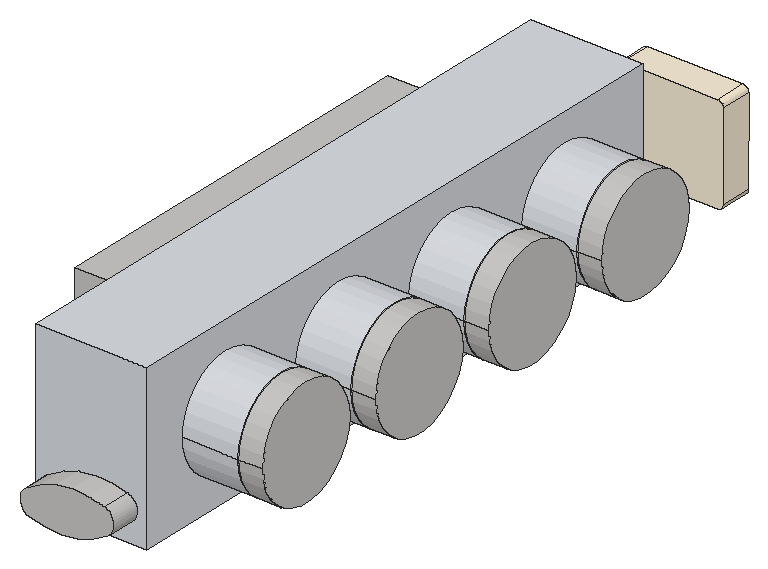
Revit family "HVAC_Ductwork_Airzone_Motorized-Plenum_Panasonic_Standard_4-Dampers", category Mechanical Equipment, Revit 2016
Family settings
  Part Type = Normal
  Round Connector Dimension = Use Diameter
  OmniClass Number = 23.75.70.14
  OmniClass Title = Air Ductwork
  Work Plane-Based = No
  Always vertical = Yes
  Cut with Voids When Loaded = No
  Shared = No
  Room Calculation Point = No
Parameters (values of type "PANST02XS4")
  Voltage = 230 V
  URL = "www.airzone.es"
  Type Image Comments = "Image available in product documentation download"  # constant formula
  Revit Model Version = "1.0"  # constant formula
  Revit Model Author URL = "www.a3d.es"
  Revit Model Author = "A3D Consulting"  # constant formula
  Product Documentation Download URL = "http://doc.airzone.es/BIM/Easyzone/Panasonic-Airzone_motorized_plenum.zip"
  Product Comments = "Refer to technical documentation for further details"  # constant formula
  Power Factor = 1
  Neck Width = 720.600 mm
  Neck Length = 95.000 mm
  Neck Height = 195.100 mm
  Material = Metal - AIRZONE - Galvanized Sheet - Semi-polished
  Main Control Board Material = Plastic - AIRZONE - Smooth - Off-white
  Load Classification = Other
  Insulated Body Width = 205.000 mm  # constant formula
  Insulated Body Material = Metal -AIRZONE - Insulating Lining -Aluminum Finish
  Insulated Body Length = 1140.000 mm  # constant formula
  Insulated Body Height = 300.000 mm  # constant formula
  Flow [instance] = Damper 4 Air Flow + Damper 3 Air Flow + Damper 2 Air Flow + Damper 1 Air Flow - Fresh Air Inlet 2 Flow - Fresh Air Inlet 1 Flow  # 1200 m³/h
  Fresh Air Inlet 1 Flow [instance] = 0 m³/h
  Fresh Air Inlet 2 Flow [instance] = 0 m³/h
  Fresh Air Inlet Connection Width = 175.000 mm
  Fresh Air Inlet Connection Height = 75.000 mm
  Model = "PANST02XS4"
  Neck Side Offset = 209.700 mm
  Neck Bottom Offset = 71.700 mm
  Type Image = <None>
  Manufacturer = "AIRZONE"  # constant formula
  Main Control Board Depth = 57.000 mm  # constant formula
  Main Control Board Width = 195.000 mm  # constant formula
  Main Control Board Height = 180.000 mm  # constant formula
  Fixing = ""
  Disclaimer = "All information provided in this model is reviewed before being published. However, Airzone cannot guarantee this model is error-free, therefore users are strongly encouraged to check for technical documentation and updates"  # constant formula
  Description = "Airzone standard motorized plenum with neck that mechanically adapts to the main ducted AC units of Panasonic."
  Type Comments = ""
  Dampers Length = 149.000 mm  # constant formula
  Dampers Diameter = 200.000 mm  # constant formula
  Damper 4 Air Flow [instance] = 300 m³/h
  Damper 1 Air Flow [instance] = 300 m³/h
  Damper 2 Air Flow [instance] = 300 m³/h
  Damper 3 Air Flow [instance] = 300 m³/h
  Fresh Air Inlet Connection Offset Height = 48.305 mm  # constant formula
  Compatible Accesories = ""
  Apparent Load = 57.5 VA
Types (8, lengths in mm): name | Neck Width | Neck Height | Model | Neck Side Offset | Neck Bottom Offset
  PANST05M4 | 795.600 | 189.600 | "PANST05M4" | 222.200 | 77.200
  PANST05S4 | 595.600 | 189.600 | "PANST05S4" | 322.200 | 77.200
  PANST04S4 | 495.600 | 189.600 | "PANST04S4" | 379.200 | 77.200
  PANST03S4 | 695.600 | 148.600 | "PANST03S4" | 222.200 | 118.200
  PANST01M4 | 891.600 | 162.600 | "PANST01M4" | 124.200 | 102.200
  PANST01S4 | 671.600 | 162.600 | "PANST01S4" | 234.200 | 102.200
  PANST02S4 | 720.600 | 233.600 | "PANST02S4" | 209.700 | 32.200
  PANST02XS4 | 720.600 | 195.100 | "PANST02XS4" | 209.700 | 71.700
Reference planes
  plane 1 "Center (Front/Back)": y = 0
  plane 2 "Center (Elevation)": z = 0
  plane 3 "Center (Left/Right)": x = 0
  plane 4 "Neck Back": y = 360.3
  plane 5 "Neck Front": y = -360.3
  plane 6 "Neck Top": z = 97.55
  plane 7 "Neck Bottom": z = -97.55
  plane 8 "Left": x = 95
  plane 9 "Bottom": z = -169.25
  plane 10 "Top": z = 130.75
  plane 11 "Front": y = -570
  plane 12 "Back": y = 570
  plane 13 "Right": x = 300
  plane 14 "Dampers Front": x = 449
  plane 15 "Dampers Center (Elevation)": z = -19.25
  plane 16 "Damper3": y = -130
  plane 17 "Damper2": y = 130
  plane 18 "Damper1": y = 390
  plane 19 "Middle": y = 0
  plane 20 "FreshAir Center (Elevation)": z = -120.945
  plane 21 "FreshAir1": y = 622.5
  plane 22 "FreshAir2": y = -622.5
  plane 23 "Dampers Lining": x = 404
  plane 24 "FreshAir Vertical Axis": x = 195.83
  plane 25 "ConnectionBox Side": x = 254
  plane 26 "Main Control Board Center (Left/Right)": x = 351.5
  plane 27 "Damper4": y = -390
Forms (mm)
  Extrusion 1, solid, material "Metal - AIRZONE - Galvanized Sheet - Semi-polished" <- "Material"
    sketch origin (0, 0, 0) x (0, 1, 0) y (0, 0, 1)
      loop
        line (-360.3, 97.55) -> (-360.3, -97.55) -> (360.3, -97.55) -> (360.3, 97.55) -> (-360.3, 97.55)
    from 0 to 95
  Extrusion 2, solid, material "Metal -AIRZONE - Insulating Lining -Aluminum Finish" <- "Insulated Body Material"
    sketch origin (95, 0, 0) x (0, 1, 0) y (0, 0, 1)
      loop
        line (-570, 130.75) -> (-570, -169.25) -> (570, -169.25) -> (570, 130.75) -> (-570, 130.75)
    from 0 to 205
  Extrusion 3, solid, material "Metal - AIRZONE - Galvanized Sheet - Semi-polished" <- "Material"
    sketch origin (300, 0, 0) x (0, 1, 0) y (0, 0, 1)
      loop
        circle (-130, -19.25) r 100
    from 104 to 149
  Extrusion 4, solid, material "Metal - AIRZONE - Galvanized Sheet - Semi-polished" <- "Material"
    sketch origin (300, 0, 0) x (0, 1, 0) y (0, 0, 1)
      loop
        circle (130, -19.25) r 100
    from 104 to 149
  Extrusion 5, solid, material "Metal - AIRZONE - Galvanized Sheet - Semi-polished" <- "Material"
    sketch origin (300, 0, 0) x (0, 1, 0) y (0, 0, 1)
      loop
        circle (390, -19.25) r 100
    from 104 to 149
  Extrusion 6, solid, material "Metal - AIRZONE - Galvanized Sheet - Semi-polished" <- "Material"
    sketch origin (0, -570, 0) x (0, 0, 1) y (1, 0, 0)
      loop
        arc (-88.391, 265.204) -> (-109.858, 282.105) -> (-134.562, 270.434) r 25.96
        arc (-134.562, 270.434) -> (-160.552, 200.598) -> (-153.099, 126.456) r 164.67
        arc (-153.099, 126.456) -> (-131.915, 109.589) -> (-107.244, 120.751) r 25.96
        arc (-107.244, 120.751) -> (-80.975, 190.78) -> (-88.391, 265.204) r 164.67
    from 0 to -52.5
  Extrusion 7, solid, material "Metal - AIRZONE - Galvanized Sheet - Semi-polished" <- "Material"
    sketch origin (0, 570, 0) x (0, 0, 1) y (1, 0, 0)
      loop
        arc (-88.391, 265.204) -> (-109.575, 282.071) -> (-134.246, 270.909) r 25.96
        arc (-134.246, 270.909) -> (-160.429, 201.53) -> (-153.517, 127.699) r 164.67
        arc (-153.517, 127.699) -> (-132.282, 109.637) -> (-106.928, 121.226) r 25.96
        arc (-106.928, 121.226) -> (-80.938, 191.062) -> (-88.391, 265.204) r 164.67
    from 0 to 52.5
  Extrusion 8, solid, material "Metal -AIRZONE - Insulating Lining -Aluminum Finish" <- "Insulated Body Material"
    sketch origin (300, 0, 0) x (0, 1, 0) y (0, 0, 1)
      loop
        circle (390, -19.25) r 100
    from 0 to 104
  Extrusion 9, solid, material "Metal -AIRZONE - Insulating Lining -Aluminum Finish" <- "Insulated Body Material"
    sketch origin (300, -260, 0) x (0, 1, 0) y (0, 0, 1)
      loop
        circle (390, -19.25) r 100
    from 0 to 104
  Extrusion 10, solid, material "Metal -AIRZONE - Insulating Lining -Aluminum Finish" <- "Insulated Body Material"
    sketch origin (300, -520, 0) x (0, 1, 0) y (0, 0, 1)
      loop
        circle (390, -19.25) r 100
    from 0 to 104
  Extrusion 11, solid, material "Metal - AIRZONE - Galvanized Sheet - Semi-polished" <- "Material"
    sketch origin (300, -190, 0) x (0, 1, 0) y (0, 0, 1)
      loop
        circle (-200, -19.25) r 100
    from 104 to 149
  Extrusion 12, solid, material "Metal -AIRZONE - Insulating Lining -Aluminum Finish" <- "Insulated Body Material"
    sketch origin (300, -710, 0) x (0, 1, 0) y (0, 0, 1)
      loop
        circle (320, -19.25) r 100
    from 0 to 104
Lines and regions (mm)
  Masking region 1
    outline origin (0, 0, 0) x (1, 0, 0) y (0, 1, 0)
      loop
        line (95, 570) -> (95, -570) -> (300, -570) -> (300, 570) -> (95, 570)
  Masking region 2, detail levels medium+fine
    outline origin (0, 0, 0) x (1, 0, 0) y (0, 1, 0)
      loop
        line (0, 360.3) -> (0, -360.3) -> (95, -360.3) -> (95, 360.3) -> (0, 360.3)
  Masking region 3, detail levels medium+fine
    outline origin (0, 0, 0) x (1, 0, 0) y (0, 1, 0)
      loop
        line (300, -30) -> (300, -230) -> (449, -230) -> (449, -30) -> (300, -30)
  Masking region 4, detail levels medium+fine
    outline origin (0, 260, 0) x (1, 0, 0) y (0, 1, 0)
      loop
        line (300, -30) -> (300, -230) -> (449, -230) -> (449, -30) -> (300, -30)
  Masking region 5, detail levels medium+fine
    outline origin (0, 520, 0) x (1, 0, 0) y (0, 1, 0)
      loop
        line (300, -30) -> (300, -230) -> (449, -230) -> (449, -30) -> (300, -30)
  Masking region 6, detail levels medium+fine
    outline origin (0, 0, -120.945) x (1, 0, 0) y (0, 1, 0)
      loop
        line (108.33, 622.5) -> (108.33, 570) -> (283.33, 570) -> (283.33, 622.5) -> (108.33, 622.5)
  Masking region 7, detail levels medium+fine
    outline origin (0, 0, -120.945) x (1, 0, 0) y (0, 1, 0)
      loop
        line (108.33, -570) -> (108.33, -622.5) -> (283.33, -622.5) -> (283.33, -570) -> (108.33, -570)
  Masking region 8, detail levels medium+fine
    outline origin (0, 0, 130.75) x (0, -1, 0) y (1, 0, 0)
      loop
        line (-627, 254) -> (-570, 254) -> (-570, 449) -> (-627, 449) -> (-627, 254)
  Masking region 9, detail levels medium+fine
    outline origin (0, -190, 0) x (1, 0, 0) y (0, 1, 0)
      loop
        line (300, -100) -> (300, -300) -> (449, -300) -> (449, -100) -> (300, -100)
  symbolic lines, detail levels coarse
    curve 1: line (95, -570, 0) -> (300, 0, 0)
    curve 2: line (300, 0, 0) -> (95, 570, 0)
Dimensions and locks
  equal spacing: plane 4 "Neck Back", plane 1 "Center (Front/Back)", plane 5 "Neck Front"
  "Neck Width": plane 4 "Neck Back" to plane 5 "Neck Front"
  equal spacing: plane 6 "Neck Top", level, plane 7 "Neck Bottom"
  "Neck Height": plane 6 "Neck Top" to plane 7 "Neck Bottom"
  "Neck Length": plane 3 "Center (Left/Right)" to plane 8 "Left"
  "Neck Bottom Offset": plane 7 "Neck Bottom" to plane 9 "Bottom"
  "Insulated Body Height": plane 10 "Top" to plane 9 "Bottom"
  "Insulated Body Length": plane 12 "Back" to plane 11 "Front"
  "Insulated Body Width": plane 8 "Left" to plane 13 "Right"
  "Dampers Length": plane 13 "Right" to plane 14 "Dampers Front"
  equal spacing: plane 10 "Top", plane 15 "Dampers Center (Elevation)", plane 9 "Bottom"
  equal spacing: plane 12 "Back", plane 19 "Middle", plane 11 "Front"
  plane 8 "Left" to plane 13 "Right" = 205.000 mm
  "Fresh Air Inlet Connection Offset Height": plane 20 "FreshAir Center (Elevation)" to plane 9 "Bottom"
  locked: Extrusion 6 sketch curve to plane 9 "Bottom" at 56.47
  locked: plane 13 "Right" to Extrusion 6 sketch curve at 43.69
  locked: plane 13 "Right" to Extrusion 6 sketch curve at 164.65
  locked: Extrusion 6 sketch curve to plane 9 "Bottom" at 40.54
  locked: plane 13 "Right" to Extrusion 6 sketch curve at 87.91
  locked: plane 9 "Bottom" to Extrusion 6 sketch curve at 75.01
  locked: plane 13 "Right" to Extrusion 6 sketch curve at 120.43
  locked: Extrusion 6 sketch curve to plane 9 "Bottom" at 172.02
  locked: plane 13 "Right" to Extrusion 7 sketch curve at 43.69
  locked: Extrusion 7 sketch curve to plane 9 "Bottom" at 56.47
  locked: Extrusion 7 sketch curve to plane 9 "Bottom" at 40.54
  locked: plane 13 "Right" to Extrusion 7 sketch curve at 164.65
  locked: plane 13 "Right" to Extrusion 7 sketch curve at 120.43
  locked: Extrusion 7 sketch curve to plane 9 "Bottom" at 172.02
  locked: plane 9 "Bottom" to Extrusion 7 sketch curve at 75.01
  locked: plane 13 "Right" to Extrusion 7 sketch curve at 87.91
  "Neck Side Offset": plane 12 "Back" to plane 4 "Neck Back"
  locked: plane 21 "FreshAir1" to plane 12 "Back" at 52.5
  plane 11 "Front" to plane 22 "FreshAir2" = 52.500 mm
  locked: connector elem to plane 13 "Right" at 104.17
  locked: plane 20 "FreshAir Center (Elevation)" to connector elem
  locked: plane 13 "Right" to connector elem at 104.17
  locked: connector elem to plane 20 "FreshAir Center (Elevation)"
  locked: plane 23 "Dampers Lining" to plane 14 "Dampers Front" at 45
  locked: plane 24 "FreshAir Vertical Axis" to plane 13 "Right" at 104.17
  equal spacing: Masking region 3 sketch curve, plane 16 "Damper3", Masking region 3 sketch curve
  "Dampers Diameter": Masking region 3 sketch curve to Masking region 3 sketch curve
  "Dampers Diameter": Masking region 4 sketch curve to Masking region 4 sketch curve
  equal spacing: Masking region 5 sketch curve, plane 18 "Damper1", Masking region 5 sketch curve
  "Dampers Diameter": Masking region 5 sketch curve to Masking region 5 sketch curve
  equal spacing: Masking region 6 sketch curve, plane 24 "FreshAir Vertical Axis", Masking region 6 sketch curve
  "Fresh Air Inlet Connection Width": Masking region 6 sketch curve to Masking region 6 sketch curve
  equal spacing: Masking region 7 sketch curve, plane 24 "FreshAir Vertical Axis", Masking region 7 sketch curve
  "Fresh Air Inlet Connection Width": Masking region 7 sketch curve to Masking region 7 sketch curve
  "Main Control Board Depth": Masking region 8 sketch curve to plane 12 "Back"
  "Main Control Board Width": plane 25 "ConnectionBox Side" to plane 14 "Dampers Front"
  equal spacing: plane 25 "ConnectionBox Side", plane 26 "Main Control Board Center (Left/Right)", plane 14 "Dampers Front"
  locked: nested 1 to plane 10 "Top" at 10
  equal spacing: Masking region 4 sketch curve, plane 17 "Damper2", Masking region 4 sketch curve
  equal spacing: Masking region 9 sketch curve, plane 27 "Damper4", Masking region 9 sketch curve
  "Dampers Diameter": Masking region 9 sketch curve to Masking region 9 sketch curve
  plane 18 "Damper1" to plane 17 "Damper2" to plane 16 "Damper3" to plane 27 "Damper4" = 260.000 mm locked, 260.000 mm locked, 260.000 mm locked
  locked: plane 17 "Damper2" to plane 19 "Middle" at 130
  "Dampers Diameter": diameter of Extrusion 3 sketch curve
  "Dampers Diameter": diameter of Extrusion 4 sketch curve
  "Dampers Diameter": diameter of Extrusion 5 sketch curve
  radius of Extrusion 7 sketch curve = 164.670 mm  (x2)
  radius of Extrusion 7 sketch curve = 25.960 mm  (x2)
  radius of Extrusion 6 sketch curve = 164.670 mm  (x2)
  radius of Extrusion 6 sketch curve = 25.960 mm  (x2)
  "Dampers Diameter": diameter of Extrusion 8 sketch curve
  "Dampers Diameter": diameter of Extrusion 9 sketch curve
  "Dampers Diameter": diameter of Extrusion 10 sketch curve
  "Dampers Diameter": diameter of Extrusion 11 sketch curve
  "Dampers Diameter": diameter of Extrusion 12 sketch curve
  aligned and locked: level to plane 2 "Center (Elevation)"
  aligned and locked: plane 5 "Neck Front" to Extrusion 1 sketch curve
  aligned and locked: Extrusion 1 sketch curve to plane 6 "Neck Top"
  aligned and locked: Extrusion 1 sketch curve to plane 4 "Neck Back"
  aligned and locked: plane 7 "Neck Bottom" to Extrusion 1 sketch curve
  aligned and locked: Extrusion 1 to plane 3 "Center (Left/Right)"
  aligned and locked: Extrusion 2 sketch curve to plane 10 "Top"
  aligned and locked: Extrusion 2 sketch curve to plane 12 "Back"
  aligned and locked: plane 9 "Bottom" to Extrusion 2 sketch curve
  aligned and locked: plane 11 "Front" to Extrusion 2 sketch curve
  aligned and locked: plane 13 "Right" to Extrusion 2
  aligned and locked: Extrusion 2 to plane 8 "Left"
  aligned and locked: plane 16 "Damper3" to Extrusion 3 sketch curve
  aligned and locked: plane 15 "Dampers Center (Elevation)" to Extrusion 3 sketch curve
  aligned and locked: plane 15 "Dampers Center (Elevation)" to Extrusion 4 sketch curve
  aligned and locked: plane 18 "Damper1" to Extrusion 5 sketch curve
  aligned and locked: plane 15 "Dampers Center (Elevation)" to Extrusion 5 sketch curve
  aligned and locked: plane 14 "Dampers Front" to Extrusion 5
  aligned and locked: plane 14 "Dampers Front" to Extrusion 4
  aligned and locked: plane 14 "Dampers Front" to Extrusion 3
  aligned and locked: plane 8 "Left" to Extrusion 1
  aligned and locked: plane 22 "FreshAir2" to Extrusion 6
  aligned and locked: plane 21 "FreshAir1" to Extrusion 7
  aligned and locked: Extrusion 7 to plane 12 "Back"
  aligned and locked: plane 11 "Front" to Extrusion 6
  aligned and locked: Extrusion 5 to plane 23 "Dampers Lining"
  aligned and locked: Extrusion 5 to Extrusion 4
  aligned and locked: Extrusion 4 to Extrusion 3
  aligned and locked: plane 23 "Dampers Lining" to Extrusion 8
  aligned and locked: Extrusion 10 to plane 13 "Right"
  aligned and locked: plane 23 "Dampers Lining" to Extrusion 10
  aligned and locked: Extrusion 9 to plane 13 "Right"
  aligned and locked: plane 23 "Dampers Lining" to Extrusion 9
  aligned and locked: Extrusion 8 to plane 13 "Right"
  aligned and locked: Extrusion 9 to Extrusion 8
  aligned and locked: plane 18 "Damper1" to Extrusion 8 sketch curve
  aligned and locked: plane 15 "Dampers Center (Elevation)" to Extrusion 8 sketch curve
  aligned and locked: plane 15 "Dampers Center (Elevation)" to Extrusion 9 sketch curve
  aligned and locked: plane 16 "Damper3" to Extrusion 10 sketch curve
  aligned and locked: plane 15 "Dampers Center (Elevation)" to Extrusion 10 sketch curve
  aligned and locked: Masking region 1 sketch curve to plane 12 "Back"
  aligned and locked: plane 8 "Left" to Masking region 1 sketch curve
  aligned and locked: Masking region 1 sketch curve to plane 13 "Right"
  aligned and locked: plane 11 "Front" to Masking region 1 sketch curve
  aligned and locked: plane 5 "Neck Front" to Masking region 2 sketch curve
  aligned and locked: plane 3 "Center (Left/Right)" to Masking region 2 sketch curve
  aligned and locked: Masking region 2 sketch curve to plane 4 "Neck Back"
  aligned and locked: Masking region 2 sketch curve to plane 8 "Left"
  aligned and locked: plane 13 "Right" to Masking region 3 sketch curve
  aligned and locked: Masking region 3 sketch curve to plane 14 "Dampers Front"
  aligned and locked: plane 13 "Right" to Masking region 4 sketch curve
  aligned and locked: Masking region 4 sketch curve to plane 14 "Dampers Front"
  aligned and locked: plane 13 "Right" to Masking region 5 sketch curve
  aligned and locked: Masking region 5 sketch curve to plane 14 "Dampers Front"
  aligned and locked: plane 12 "Back" to Masking region 6 sketch curve
  aligned and locked: Masking region 6 sketch curve to plane 21 "FreshAir1"
  aligned and locked: Masking region 7 sketch curve to plane 11 "Front"
  aligned and locked: Masking region 7 sketch curve to plane 22 "FreshAir2"
  aligned and locked: plane 12 "Back" to Masking region 8 sketch curve
  aligned and locked: Masking region 8 sketch curve to plane 14 "Dampers Front"
  aligned and locked: plane 25 "ConnectionBox Side" to Masking region 8 sketch curve
  aligned and locked: plane 17 "Damper2" to Extrusion 9 sketch curve
  aligned and locked: plane 17 "Damper2" to Extrusion 4 sketch curve
  aligned and locked: Masking region 9 sketch curve to plane 14 "Dampers Front"
  aligned and locked: plane 13 "Right" to Masking region 9 sketch curve
  aligned and locked: Extrusion 12 to plane 13 "Right"
  aligned and locked: plane 23 "Dampers Lining" to Extrusion 12
  aligned and locked: Extrusion 11 to plane 23 "Dampers Lining"
  aligned and locked: plane 14 "Dampers Front" to Extrusion 11
  aligned and locked: plane 15 "Dampers Center (Elevation)" to Extrusion 12 sketch curve
  aligned and locked: plane 27 "Damper4" to Extrusion 12 sketch curve
  aligned and locked: plane 15 "Dampers Center (Elevation)" to Extrusion 11 sketch curve
  aligned and locked: plane 27 "Damper4" to Extrusion 11 sketch curve
  aligned and locked: nested 1 to plane 26 "Main Control Board Center (Left/Right)"
Automatic sketch dimensions
  curve 2 to plane 8 "Left" = 0.000 mm
  curve 1 to plane 8 "Left" = 0.000 mm
  curve 2 to plane 13 "Right" = 0.000 mm
  curve 1 to plane 11 "Front" = 0.000 mm
  curve 2 to plane 19 "Middle" = 0.000 mm
  curve 2 to plane 12 "Back" = 0.000 mm
Nested families
  nested 1: "Airzone_Main-Control-Board" at (351.5, 570, 30.75) x (-1, 0, 0) z (0, 1, 0), Extrusion <- "Main Control Board Depth", Height <- "Main Control Board Height", Width <- "Main Control Board Width", Material <- "Main Control Board Material", type "Standard"
    with Width 195.000 mm, Material Plastic - AIRZONE - Smooth - Off-white, Height 180.000 mm, Extrusion 57.000 mm
Connectors
  hvac at (449, -130, -19.25), driven by "Damper 3 Air Flow", driven by "Dampers Diameter"
    settings: on Extrusion 3, index 1, duct flow 300 m³/h, flow factor 0, pres drop 0.0 Pa, loss coef 0, conn angle 0.00°, conn width 304.8 mm, conn height 304.8 mm, conn diameter 200 mm, duct sys type 1, conn prof type 0, flow config 0, flow direction 2, loss method 0, conn ref index -1, conn util no, is conn primary no, conn desc "Supply Air Out 3"
  hvac at (449, 130, -19.25), driven by "Damper 2 Air Flow", driven by "Dampers Diameter"
    settings: on Extrusion 4, index 2, duct flow 300 m³/h, flow factor 0, pres drop 0.0 Pa, loss coef 0, conn angle 0.00°, conn width 304.8 mm, conn height 304.8 mm, conn diameter 200 mm, duct sys type 1, conn prof type 0, flow config 0, flow direction 2, loss method 0, conn ref index -1, conn util no, is conn primary no, conn desc "Supply Air Out 2"
  hvac at (449, 390, -19.25), driven by "Damper 1 Air Flow", driven by "Dampers Diameter"
    settings: on Extrusion 5, index 3, duct flow 300 m³/h, flow factor 0, pres drop 0.0 Pa, loss coef 0, conn angle 0.00°, conn width 304.8 mm, conn height 304.8 mm, conn diameter 200 mm, duct sys type 1, conn prof type 0, flow config 0, flow direction 2, loss method 0, conn ref index -1, conn util no, is conn primary no, conn desc "Supply Air Out 1"
  hvac at (0, 0, 0), driven by "Flow", driven by "Neck Height", driven by "Neck Width"
    settings: on Extrusion 1, index 6, duct flow 1200 m³/h, flow factor 0, pres drop 0.0 Pa, loss coef 0, conn angle 0.00°, conn width 720.6 mm, conn height 195.1 mm, conn diameter 609.6 mm, duct sys type 1, conn prof type 1, flow config 1, flow direction 1, loss method 0, conn ref index -1, conn util no, is conn primary yes, conn desc "Supply Air In"
  hvac at (195.83, -622.5, -120.945), driven by "Fresh Air Inlet 2 Flow", driven by "Fresh Air Inlet Connection Width", driven by "Fresh Air Inlet Connection Height"
    settings: index 7, duct flow 0 m³/h, flow factor 0, pres drop 0.0 Pa, loss coef 0, conn angle 0.00°, conn width 175 mm, conn height 75 mm, conn diameter 609.6 mm, duct sys type 1, conn prof type 2, flow config 1, flow direction 1, loss method 0, conn ref index -1, conn util no, is conn primary no, conn desc "Fresh Air In 2"
  hvac at (195.83, 622.5, -120.945), driven by "Fresh Air Inlet 1 Flow", driven by "Fresh Air Inlet Connection Height", driven by "Fresh Air Inlet Connection Width"
    settings: index 8, duct flow 0 m³/h, flow factor 0, pres drop 0.0 Pa, loss coef 0, conn angle 0.00°, conn width 175 mm, conn height 75 mm, conn diameter 609.6 mm, duct sys type 1, conn prof type 2, flow config 1, flow direction 1, loss method 0, conn ref index -1, conn util no, is conn primary no, conn desc "Fresh Air In 1"
  hvac at (449, -390, -19.25), driven by "Damper 4 Air Flow", driven by "Dampers Diameter"
    settings: on Extrusion 11, index 9, duct flow 300 m³/h, flow factor 0, pres drop 0.0 Pa, loss coef 0, conn angle 0.00°, conn width 304.8 mm, conn height 304.8 mm, conn diameter 200 mm, duct sys type 1, conn prof type 0, flow config 0, flow direction 2, loss method 0, conn ref index -1, conn util no, is conn primary no, conn desc "Supply Air Out 4"
  electrical at (351.5, 627, 30.75), driven by "Load Classification", driven by "Voltage", driven by "Apparent Load", driven by "Power Factor"
    settings: on nested 1, index 10, voltage 230 V, apparent load 57.5 VA, apparent load phase1 0 VA, apparent load phase2 0 VA, apparent load phase3 0 VA, power factor 1, load classification "Other", number of poles 1, system type 30, power factor state 1, is connector primary yes, connector utility no, sub classification motor no, connector description "Power Supply"
Definition of nested family "Airzone_Main-Control-Board"
  Parameters (values of type "Standard")
    Width [instance] = 195.000 mm
    URL = "www.airzone.es"
    Revit Model Version = "1.0"  # constant formula
    Revit Model Author URL = "www.a3d.es"
    Revit Model Author = "A3D Consulting"  # constant formula
    Material [instance] = none
    Manufacturer = "AIRZONE"  # constant formula
    Height [instance] = 180.000 mm
    Extrusion [instance] = 57.000 mm
    Default Elevation = 0.000 mm
  Reference planes
    plane 1 "Center (Front/Back)": y = 0
    plane 2: z = 0
    plane 3 "Center (Left/Right)": x = 0
    plane 4: y = 90
    plane 5: y = -90
    plane 6: x = 97.5
    plane 7: x = -97.5
  Forms (mm)
    Extrusion 1, solid, material <- "Material"
      sketch origin (0, 0, 0) x (1, 0, 0) y (0, 1, 0)
        loop
          arc (-87.5, 90) -> (-94.571, 87.071) -> (-97.5, 80) r 10
          line (-97.5, 80) -> (-97.5, -80)
          arc (-97.5, -80) -> (-94.571, -87.071) -> (-87.5, -90) r 10
          line (-87.5, -90) -> (87.5, -90)
          arc (87.5, -90) -> (94.571, -87.071) -> (97.5, -80) r 10
          line (97.5, -80) -> (97.5, 80)
          arc (97.5, 80) -> (94.571, 87.071) -> (87.5, 90) r 10
          line (87.5, 90) -> (-87.5, 90)
      from 0 to 57 <- "Extrusion"
  Dimensions and locks
    equal spacing: plane 7, plane 3 "Center (Left/Right)", plane 6
    equal spacing: plane 4, plane 1 "Center (Front/Back)", plane 5
    "Width": plane 7 to plane 6
    "Height": plane 4 to plane 5
    radius of Extrusion 1 sketch curve = 10.000 mm  (x4)
    aligned and locked: level to plane 2
    aligned and locked: plane 5 to Extrusion 1 sketch curve
    aligned and locked: Extrusion 1 sketch curve to plane 6
    aligned and locked: Extrusion 1 sketch curve to plane 4
    aligned and locked: plane 7 to Extrusion 1 sketch curve
